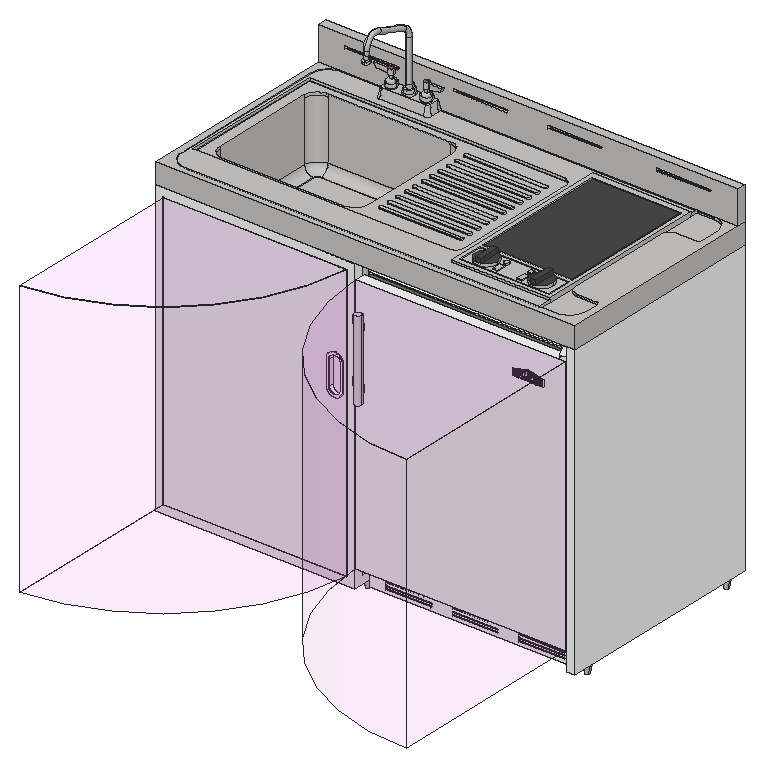
Revit family "QF_Summit_C48ELGLASS_Kitchenette", category Specialty Equipment, Revit 2020
Family settings
  Round Connector Dimension = Use Diameter
  Part Type = Normal
  Work Plane-Based = No
  Always vertical = Yes
  Cut with Voids When Loaded = No
  Shared = No
  Room Calculation Point = No
Parameters
  Weight in Pounds = 200
  Watts = Volts * FL Amps  # 2875 W
  Volts = 115 V
  URL Cutsheet = ""
  Specification by User = ""
  Specification by Manufacturer = ""
  Show LHD [instance] = no
  Show Legs [instance] = yes
  Show Clearance [instance] = yes
  Serial Number = ""
  Seismic Rating = ""
  SMACNA No = ""
  Revision Code = ""
  Refrigerant Volume = 0.00 kip
  Refrigerant Type = "R600a"
  Phase = 1
  Number of Poles = 1
  NAFEM Spec ID Number = ""
  Model = "C48ELGLASS"
  Min Ckt Ampacity = 0 A
  Max Overcurrent Protection = 0 A
  Masterspec = ""
  Manufacturer = "Summit"
  Length = 47 1/4"
  Item Number = ""
  Installed By = ""
  Identify Quantity as Lot = yes
  Height = 40"
  HP = ""
  Furnished By = ""
  Foodservice Equipment Identifier = yes
  FL Amps = 25 A
  Electrical Remarks = ""
  Electric Connection Type = ""
  Elec Conn RI Height = 0"
  Elec Conn Connection Height = 0"
  Description = "Kichenette"
  Depth = 24"
  Default Elevation = 0"
  Cycle = 60 Hz
  Conn Plug = ""
  Conn Conduit = yes
  CSI MasterFormat = ""
  BTUH = 0.0 Btu/h
  Apparent Power = if(Phase = 3, Volts * FL Amps * 1.73, Volts * FL Amps)  # 2875 VA
Reference planes (in)
  plane 1 "BACK": y = 0
  plane 2: z = 0
  plane 3 "LEFT": x = 0
  plane 4 "RIGHT": x = 47.25
  plane 5 "FRONT": y = -24
  plane 6 "TOP": z = 40
  plane 7 "Center Y": x = 23.625
  plane 8 "Center X": y = -12
  plane 9: z = 36.25
  plane 10: z = 33.875
  plane 11: z = 1
  plane 12: z = 20.875
  plane 13: z = 45.75
  plane 14: y = -1
  plane 15: y = -44.25
  plane 16: z = 36
  plane 17: x = 22.5
  plane 18: x = 46.375
Forms (in)
  Extrusion 1, solid, material "QF_Metal_Stainless_Polished"
    sketch origin (-11.06091, -180, 36.25) x (-1, 0, 0) y (0, -1, 0)
      loop
        line (-11.06091, -180) -> (-11.06091, -156) -> (-58.31091, -156) -> (-58.31091, -180) -> (-11.06091, -180)
      loop
        line (-11.81091, -177) -> (-11.81091, -158.75)
        arc (-11.81091, -158.75) -> (-12.3967, -157.33579) -> (-13.81091, -156.75) r 2
        line (-13.81091, -156.75) -> (-55.56091, -156.75)
        arc (-55.56091, -156.75) -> (-56.97512, -157.33579) -> (-57.56091, -158.75) r 2
        line (-57.56091, -158.75) -> (-57.56091, -177)
        arc (-57.56091, -177) -> (-56.97512, -178.41421) -> (-55.56091, -179) r 2
        line (-55.56091, -179) -> (-13.81091, -179)
        arc (-13.81091, -179) -> (-12.3967, -178.41421) -> (-11.81091, -177) r 2
    from 0 to -2.375
  Extrusion 2, solid, material "QF_Metal_Stainless_Polished"
    sketch origin (-2.35752, -180, 36) x (-1, 0, 0) y (0, -1, 0)
      loop
        line (-3.56275, -176.20889) -> (-3.56275, -159.83389) -> (-32.31275, -159.83389)
        arc (-32.31275, -159.83389) -> (-33.01985, -160.12678) -> (-33.31275, -160.83389) r 1
        line (-33.31275, -160.83389) -> (-33.31275, -175.20889)
        arc (-33.31275, -175.20889) -> (-33.01985, -175.916) -> (-32.31275, -176.20889) r 1
        line (-32.31275, -176.20889) -> (-3.56275, -176.20889)
      loop
        line (-20.09109, -175.375) -> (-6.34109, -175.375)
        arc (-6.34109, -175.375) -> (-5.28043, -174.93566) -> (-4.84109, -173.875) r 1.5
        line (-4.84109, -173.875) -> (-4.84109, -162)
        arc (-4.84109, -162) -> (-5.28043, -160.93934) -> (-6.34109, -160.5) r 1.5
        line (-6.34109, -160.5) -> (-20.09109, -160.5)
        arc (-20.09109, -160.5) -> (-21.15175, -160.93934) -> (-21.59109, -162) r 1.5
        line (-21.59109, -162) -> (-21.59109, -173.875)
        arc (-21.59109, -173.875) -> (-21.15175, -174.93566) -> (-20.09109, -175.375) r 1.5
    from 0 to -0.25
  Extrusion 3, solid, material "QF_Metal_Stainless_Polished"
    sketch origin (-2.35752, -178, 36) x (-1, 0, 0) y (0, -1, 0)
      loop
        line (-32.31275, -174.20889) -> (-3.56275, -174.20889) -> (-3.56275, -157.83389) -> (-32.31275, -157.83389)
        arc (-32.31275, -157.83389) -> (-33.01985, -158.12678) -> (-33.31275, -158.83389) r 1
        line (-33.31275, -158.83389) -> (-33.31275, -173.20889)
        arc (-33.31275, -173.20889) -> (-33.01985, -173.916) -> (-32.31275, -174.20889) r 1
      loop
        line (-3.10752, -175) -> (-3.10752, -156.75)
        arc (-3.10752, -156.75) -> (-3.69331, -155.33579) -> (-5.10752, -154.75) r 2
        line (-5.10752, -154.75) -> (-46.85752, -154.75)
        arc (-46.85752, -154.75) -> (-48.27174, -155.33579) -> (-48.85752, -156.75) r 2
        line (-48.85752, -156.75) -> (-48.85752, -175)
        arc (-48.85752, -175) -> (-48.27174, -176.41421) -> (-46.85752, -177) r 2
        line (-46.85752, -177) -> (-5.10752, -177)
        arc (-5.10752, -177) -> (-3.69331, -176.41421) -> (-3.10752, -175) r 2
    from 0 to -0.25
  Extrusion 4, solid, material "QF_Metal_Stainless_Polished"
    sketch origin (0.14248, -180, 36) x (-1, 0, 0) y (0, -1, 0)
      loop
        arc (-20.27666, -174.49159) -> (-20.06215, -174.27708) -> (-20.27666, -174.06256) r 0.21452
        line (-20.27666, -174.06256) -> (-29.2591, -174.06256)
        arc (-29.2591, -174.06256) -> (-29.47361, -174.27708) -> (-29.2591, -174.49159) r 0.21452
        line (-29.2591, -174.49159) -> (-20.27666, -174.49159)
      loop
        arc (-20.27666, -173.24159) -> (-20.06215, -173.02708) -> (-20.27666, -172.81256) r 0.21452
        line (-20.27666, -172.81256) -> (-29.2591, -172.81256)
        arc (-29.2591, -172.81256) -> (-29.47361, -173.02708) -> (-29.2591, -173.24159) r 0.21452
        line (-29.2591, -173.24159) -> (-20.27666, -173.24159)
      loop
        arc (-20.27666, -172.05409) -> (-20.06215, -171.83958) -> (-20.27666, -171.62506) r 0.21452
        line (-20.27666, -171.62506) -> (-29.2591, -171.62506)
        arc (-29.2591, -171.62506) -> (-29.47361, -171.83958) -> (-29.2591, -172.05409) r 0.21452
        line (-29.2591, -172.05409) -> (-20.27666, -172.05409)
      loop
        arc (-20.27666, -170.86659) -> (-20.06215, -170.65208) -> (-20.27666, -170.43756) r 0.21452
        line (-20.27666, -170.43756) -> (-29.2591, -170.43756)
        arc (-29.2591, -170.43756) -> (-29.47361, -170.65208) -> (-29.2591, -170.86659) r 0.21452
        line (-29.2591, -170.86659) -> (-20.27666, -170.86659)
      loop
        arc (-20.27666, -169.67909) -> (-20.06215, -169.46458) -> (-20.27666, -169.25006) r 0.21452
        line (-20.27666, -169.25006) -> (-29.2591, -169.25006)
        arc (-29.2591, -169.25006) -> (-29.47361, -169.46458) -> (-29.2591, -169.67909) r 0.21452
        line (-29.2591, -169.67909) -> (-20.27666, -169.67909)
      loop
        arc (-20.27666, -168.55409) -> (-20.06215, -168.33958) -> (-20.27666, -168.12506) r 0.21452
        line (-20.27666, -168.12506) -> (-29.2591, -168.12506)
        arc (-29.2591, -168.12506) -> (-29.47361, -168.33958) -> (-29.2591, -168.55409) r 0.21452
        line (-29.2591, -168.55409) -> (-20.27666, -168.55409)
      loop
        arc (-20.27666, -167.30409) -> (-20.06215, -167.08958) -> (-20.27666, -166.87506) r 0.21452
        line (-20.27666, -166.87506) -> (-29.2591, -166.87506)
        arc (-29.2591, -166.87506) -> (-29.47361, -167.08958) -> (-29.2591, -167.30409) r 0.21452
        line (-29.2591, -167.30409) -> (-20.27666, -167.30409)
      loop
        arc (-20.27666, -166.17909) -> (-20.06215, -165.96458) -> (-20.27666, -165.75006) r 0.21452
        line (-20.27666, -165.75006) -> (-29.2591, -165.75006)
        arc (-29.2591, -165.75006) -> (-29.47361, -165.96458) -> (-29.2591, -166.17909) r 0.21452
        line (-29.2591, -166.17909) -> (-20.27666, -166.17909)
      loop
        arc (-20.27666, -164.92909) -> (-20.06215, -164.71458) -> (-20.27666, -164.50006) r 0.21452
        line (-20.27666, -164.50006) -> (-29.2591, -164.50006)
        arc (-29.2591, -164.50006) -> (-29.47361, -164.71458) -> (-29.2591, -164.92909) r 0.21452
        line (-29.2591, -164.92909) -> (-20.27666, -164.92909)
      loop
        arc (-20.27666, -163.74159) -> (-20.06215, -163.52708) -> (-20.27666, -163.31256) r 0.21452
        line (-20.27666, -163.31256) -> (-29.2591, -163.31256)
        arc (-29.2591, -163.31256) -> (-29.47361, -163.52708) -> (-29.2591, -163.74159) r 0.21452
        line (-29.2591, -163.74159) -> (-20.27666, -163.74159)
      loop
        arc (-20.27666, -162.55409) -> (-20.06215, -162.33958) -> (-20.27666, -162.12506) r 0.21452
        line (-20.27666, -162.12506) -> (-29.2591, -162.12506)
        arc (-29.2591, -162.12506) -> (-29.47361, -162.33958) -> (-29.2591, -162.55409) r 0.21452
        line (-29.2591, -162.55409) -> (-20.27666, -162.55409)
    from 0 to 0.0625
  Extrusion 5, solid, material "QF_Metal_Stainless_Polished"
    sketch origin (-11.06091, -180, 36.25) x (-1, 0, 0) y (0, -1, 0)
      loop
        line (-11.06091, -180) -> (-11.06091, -179) -> (-58.31091, -179) -> (-58.31091, -180) -> (-11.06091, -180)
    from 0 to 3.75
  Sweep 6, solid, material "QF_Metal_Stainless_Polished"
    path origin (0, 0, 0) x (1, 0, 0) y (0, 1, 0)
      loop
        arc (2.48357, -18) -> (2.92291, -19.06066) -> (3.98357, -19.5) r 1.5
        line (3.98357, -19.5) -> (17.73357, -19.5)
        arc (17.73357, -19.5) -> (18.79423, -19.06066) -> (19.23357, -18) r 1.5
        line (19.23357, -18) -> (19.23357, -6.125)
        arc (19.23357, -6.125) -> (18.79423, -5.06434) -> (17.73357, -4.625) r 1.5
        line (17.73357, -4.625) -> (3.98357, -4.625)
        arc (3.98357, -4.625) -> (2.92291, -5.06434) -> (2.48357, -6.125) r 1.5
        line (2.48357, -6.125) -> (2.48357, -18)
    profile origin (2.48357, -12.0625, 0) x (-1, 0, 0) y (0, 0, 1)
      loop
        line (0, 35.875) -> (0, 28.99977)
        arc (0, 28.99977) -> (-0.29289, 28.29267) -> (-1, 27.99977) r 1
        line (-1, 27.99977) -> (-1, 27.93727)
        arc (-1, 27.93727) -> (-0.2487, 28.24847) -> (0.0625, 28.99977) r 1.0625
        line (0.0625, 28.99977) -> (0.0625, 35.875) -> (0, 35.875)
  Extrusion 7, void
    sketch origin (47.25, -1, 36.25) x (-1, 0, 0) y (0, 0, -1)
      loop
        arc (31.84057, -2.70577) -> (32.01245, -2.5339) -> (31.84057, -2.36202) r 0.17188
        line (31.84057, -2.36202) -> (25.97341, -2.36202)
        arc (25.97341, -2.36202) -> (25.80154, -2.5339) -> (25.97341, -2.70577) r 0.17188
        line (25.97341, -2.70577) -> (31.84057, -2.70577)
      loop
        arc (44.14922, -2.70577) -> (44.3211, -2.5339) -> (44.14922, -2.36202) r 0.17188
        line (44.14922, -2.36202) -> (38.28206, -2.36202)
        arc (38.28206, -2.36202) -> (38.11018, -2.5339) -> (38.28206, -2.70577) r 0.17188
        line (38.28206, -2.70577) -> (44.14922, -2.70577)
      loop
        line (15.40943, -2.70577) -> (21.27659, -2.70577)
        arc (21.27659, -2.70577) -> (21.44846, -2.5339) -> (21.27659, -2.36202) r 0.17188
        line (21.27659, -2.36202) -> (15.40943, -2.36202)
        arc (15.40943, -2.36202) -> (15.23755, -2.5339) -> (15.40943, -2.70577) r 0.17188
      loop
        line (3.10078, -2.70577) -> (8.96794, -2.70577)
        arc (8.96794, -2.70577) -> (9.13982, -2.5339) -> (8.96794, -2.36202) r 0.17188
        line (8.96794, -2.36202) -> (3.10078, -2.36202)
        arc (3.10078, -2.36202) -> (2.9289, -2.5339) -> (3.10078, -2.70577) r 0.17188
    from 0.25 to -0.25
  Extrusion 8, solid, material "QF_Plastic_White_Smooth"
    sketch origin (-11.06091, -180, 1) x (-1, 0, 0) y (0, -1, 0)
      loop
        line (-11.06091, -180) -> (-11.06091, -156) -> (-11.93591, -156) -> (-11.93591, -179.125) -> (-57.43591, -179.125) -> (-57.43591, -156) -> (-58.31091, -156) -> (-58.31091, -180) -> (-11.06091, -180)
    from 0 to 32.875
  Extrusion 9, solid, material "QF_Plastic_White_Smooth"
    sketch origin (0.875, -24, 1) x (-1, 0, 0) y (0, 0, -1)
      loop
        line (0, -32.875) -> (0, -32) -> (-20.75, -32) -> (-20.75, 0) -> (-21.625, 0) -> (-21.625, -32.875) -> (0, -32.875)
    from 0 to -1
  Extrusion 10, solid, material "QF_Plastic_White_Smooth"
    sketch origin (0.875, -0.875, 1) x (1, 0, 0) y (0, 0, 1)
      loop
        line (0, 0) -> (21.625, 0) -> (21.625, 0.875) -> (0, 0.875) -> (0, 0)
    from 0 to 23.125
  Extrusion 11, solid, material "QF_Plastic_White_Smooth"
    sketch origin (0.875, -24, 1) x (-1, 0, 0) y (0, 0, -1)
      loop
        line (-0.0625, -0.9375) -> (-20.6875, -0.9375) -> (-20.6875, -31.9375) -> (-0.0625, -31.9375) -> (-0.0625, -0.9375)
    from 0 to -1
  Extrusion 12, void
    sketch origin (13.75, -24, 1) x (-1, 0, 0) y (0, 0, -1)
      loop
        arc (-5.85467, -19.50639) -> (-6.51553, -18.84553) -> (-7.17639, -19.50639) r 0.66086
        line (-7.17639, -19.50639) -> (-7.17639, -22.2536)
        arc (-7.17639, -22.2536) -> (-6.51553, -22.91446) -> (-5.85467, -22.2536) r 0.66086
        line (-5.85467, -22.2536) -> (-5.85467, -19.50639)
    from 0.5 to -0.5009
  Extrusion 13, solid, material "QF_Plastic_White_Smooth"
    sketch origin (13.75, -24, 1) x (-1, 0, 0) y (0, 0, -1)
      loop
        arc (-7.17639, -22.2536) -> (-6.51553, -22.91446) -> (-5.85467, -22.2536) r 0.66086
        line (-5.85467, -22.2536) -> (-5.85467, -19.50639)
        arc (-5.85467, -19.50639) -> (-6.51553, -18.84553) -> (-7.17639, -19.50639) r 0.66086
        line (-7.17639, -19.50639) -> (-7.17639, -22.2536)
      loop
        arc (-7.42639, -22.2536) -> (-6.51553, -23.16446) -> (-5.60467, -22.2536) r 0.91086
        line (-5.60467, -22.2536) -> (-5.60467, -19.50639)
        arc (-5.60467, -19.50639) -> (-6.51553, -18.59553) -> (-7.42639, -19.50639) r 0.91086
        line (-7.42639, -19.50639) -> (-7.42639, -22.2536)
    from 0 to 0.0625
  Extrusion 14, solid, material "QF_Metal_Stainless_Polished"
    sketch origin (4.52411, 0, 36.25) x (1, 0, 0) y (0, 0, -1)
      loop
        circle (40.73073, 33.21044) r 0.125
    from 0 to 0.25
  Revolve 15, solid, material "QF_Metal_Stainless_Polished", visible <- "Show Legs"
    sketch origin (0, -2, 0) x (1, 0, 0) y (0, 0, 1)
      loop
        line (46.8125, 1) -> (46.8125, 0) -> (47.03274, 0) -> (47.19216, 1) -> (46.8125, 1)
      axis (46.8125, 1) -> (46.8125, 0)
    angle from 0 to 360
  Revolve 16, solid, material "QF_Metal_Stainless_Polished", visible <- "Show Legs"
    sketch origin (0, -21.625, 0) x (1, 0, 0) y (0, 0, 1)
      loop
        line (46.8125, 1) -> (46.8125, 0) -> (47.03274, 0) -> (47.19216, 1) -> (46.8125, 1)
      axis (46.8125, 1) -> (46.8125, 0)
    angle from 0 to 360
  Revolve 17, solid, material "QF_Metal_Stainless_Polished", visible <- "Show Legs"
    sketch origin (-29.125, -2, 0) x (1, 0, 0) y (0, 0, 1)
      loop
        line (29.5625, 1) -> (29.5625, 0) -> (29.78274, 0) -> (29.94216, 1) -> (29.5625, 1)
      axis (29.5625, 1) -> (29.5625, 0)
    angle from 0 to 360
  Revolve 18, solid, material "QF_Metal_Stainless_Polished", visible <- "Show Legs"
    sketch origin (-29.125, -21.625, 0) x (1, 0, 0) y (0, 0, 1)
      loop
        line (29.5625, 1) -> (29.5625, 0) -> (29.78274, 0) -> (29.94216, 1) -> (29.5625, 1)
      axis (29.5625, 1) -> (29.5625, 0)
    angle from 0 to 360
  Extrusion 19, solid, material "QF_Metal_Stainless_Polished"
    sketch origin (-2.35752, -178, 36) x (-1, 0, 0) y (0, -1, 0)
      loop
        arc (-5.10752, -177) -> (-3.69331, -176.41421) -> (-3.10752, -175) r 2
        line (-3.10752, -175) -> (-3.10752, -156.75)
        arc (-3.10752, -156.75) -> (-3.69331, -155.33579) -> (-5.10752, -154.75) r 2
        line (-5.10752, -154.75) -> (-45.01922, -154.75) -> (-45.01922, -156.27212) -> (-34.01922, -156.27212) -> (-34.01922, -176.13842) -> (-45.01922, -176.13842) -> (-45.01922, -177) -> (-5.10752, -177)
      loop
        line (-3.56275, -174.20889) -> (-3.56275, -157.83389) -> (-32.31275, -157.83389)
        arc (-32.31275, -157.83389) -> (-33.01985, -158.12678) -> (-33.31275, -158.83389) r 1
        line (-33.31275, -158.83389) -> (-33.31275, -173.20889)
        arc (-33.31275, -173.20889) -> (-33.01985, -173.916) -> (-32.31275, -174.20889) r 1
        line (-32.31275, -174.20889) -> (-3.56275, -174.20889)
    from 0 to 0.25
  Extrusion 20, solid, material "QF_Metal_Stainless_Polished"
    sketch origin (-10.31091, -180, 28.74977) x (0, -1, 0) y (-1, 0, 0)
      loop
        arc (-174.375, -28.04448) -> (-174.22855, -28.39804) -> (-173.875, -28.54448) r 0.5
        line (-173.875, -28.54448) -> (-162, -28.54448)
        arc (-162, -28.54448) -> (-161.64645, -28.39804) -> (-161.5, -28.04448) r 0.5
        line (-161.5, -28.04448) -> (-161.5, -14.29448)
        arc (-161.5, -14.29448) -> (-161.64645, -13.94093) -> (-162, -13.79448) r 0.5
        line (-162, -13.79448) -> (-173.875, -13.79448)
        arc (-173.875, -13.79448) -> (-174.22855, -13.94093) -> (-174.375, -14.29448) r 0.5
        line (-174.375, -14.29448) -> (-174.375, -28.04448)
      loop
        circle (-167.9375, -21.16948) r 1
    from 0.8125 to 0.75
  Extrusion 21, solid, material "QF_Metal_Stainless_Polished"
    sketch origin (0.64248, -178, 36) x (-1, 0, 0) y (0, -1, 0)
      loop
        arc (-42.26922, -159.59658) -> (-42.56211, -158.88947) -> (-43.26922, -158.59658) r 1
        line (-43.26922, -158.59658) -> (-45.35752, -158.59658)
        arc (-45.35752, -158.59658) -> (-45.71108, -158.45013) -> (-45.85752, -158.09658) r 0.5
        line (-45.85752, -158.09658) -> (-45.85752, -173.09653)
        arc (-45.85752, -173.09653) -> (-45.71108, -172.74298) -> (-45.35752, -172.59653) r 0.5
        line (-45.35752, -172.59653) -> (-43.26922, -172.59653)
        arc (-43.26922, -172.59653) -> (-42.56211, -172.30364) -> (-42.26922, -171.59653) r 1
        line (-42.26922, -171.59653) -> (-42.26922, -159.59658)
    from 0 to 0.25
  Extrusion 22, solid, material "QF_Metal_Stainless_Polished"
    sketch origin (7.64248, -180, 36) x (-1, 0, 0) y (0, -1, 0)
      loop
        line (-35.01922, -156.75) -> (-36.85752, -156.75)
        arc (-36.85752, -156.75) -> (-38.27174, -157.33579) -> (-38.85752, -158.75) r 2
        line (-38.85752, -158.75) -> (-38.85752, -160.09658)
        arc (-38.85752, -160.09658) -> (-38.71108, -160.45013) -> (-38.35752, -160.59658) r 0.5
        line (-38.35752, -160.59658) -> (-36.26922, -160.59658)
        arc (-36.26922, -160.59658) -> (-35.56211, -160.88947) -> (-35.26922, -161.59658) r 1
        line (-35.26922, -161.59658) -> (-35.26922, -173.59653)
        arc (-35.26922, -173.59653) -> (-35.56211, -174.30364) -> (-36.26922, -174.59653) r 1
        line (-36.26922, -174.59653) -> (-38.35752, -174.59653)
        arc (-38.35752, -174.59653) -> (-38.71108, -174.74298) -> (-38.85752, -175.09653) r 0.5
        line (-38.85752, -175.09653) -> (-38.85752, -177)
        arc (-38.85752, -177) -> (-38.27174, -178.41421) -> (-36.85752, -179) r 2
        line (-36.85752, -179) -> (-35.01922, -179) -> (-35.01922, -156.75)
    from 0 to -0.25
  Revolve 23, solid, material "QF_Metal_Stainless_Polished", visible <- "Show Legs"
    sketch origin (-16.5, -2, 0) x (1, 0, 0) y (0, 0, 1)
      loop
        line (38.5625, 1) -> (38.5625, 0) -> (38.78274, 0) -> (38.94216, 1) -> (38.5625, 1)
      axis (38.5625, 1) -> (38.5625, 0)
    angle from 0 to 360
  Revolve 24, solid, material "QF_Metal_Stainless_Polished", visible <- "Show Legs"
    sketch origin (-16.5, -21.625, 0) x (1, 0, 0) y (0, 0, 1)
      loop
        line (38.5625, 1) -> (38.5625, 0) -> (38.78274, 0) -> (38.94216, 1) -> (38.5625, 1)
      axis (38.5625, 1) -> (38.5625, 0)
    angle from 0 to 360
  Extrusion 25, solid, material "QF_Clearances_Door_Drawer", visible <- "Show Clearance"
    sketch origin (17.8125, -24, 1.9375) x (0, 1, 0) y (1, 0, 0)
      loop
        line (0, -16.875) -> (0, 3.75)
        arc (0, 3.75) -> (-13.90828, -2.84801) -> (-20.25, -16.875) r 22.34781
        line (-20.25, -16.875) -> (0, -16.875)
    from 0 to -31
  Extrusion 26, solid, material "QF_Metal_Stainless_Polished", not visible
    sketch origin (-2.35752, -180, 36.125) x (-1, 0, 0) y (0, -1, 0)
      loop
        line (-19.76922, -178.13842) -> (-19.76922, -158.27212) -> (-30.76922, -158.27212) -> (-30.76922, -178.13842) -> (-19.76922, -178.13842)
      loop
        line (-20.26922, -177.38842) -> (-20.26922, -162.02212) -> (-30.26922, -162.02212) -> (-30.26922, -177.38842) -> (-20.26922, -177.38842)
      loop
        line (-20.26922, -158.77212) -> (-30.26922, -158.77212) -> (-30.26922, -161.52212) -> (-20.26922, -161.52212) -> (-20.26922, -158.77212)
    from 0 to 0.5
  Extrusion 27, solid, material "QF_Metal_Stainless_Polished", not visible
    sketch origin (-2.35752, -180, 36.625) x (-1, 0, 0) y (0, -1, 0)
      loop
        line (-20.26922, -158.77212) -> (-30.26922, -158.77212) -> (-30.26922, -161.52212) -> (-20.26922, -161.52212) -> (-20.26922, -158.77212)
    from -0.25 to 0
  Extrusion 28, solid, material "QF_Metal_Stainless_Polished", not visible
    sketch origin (-2.35752, -180, 36.625) x (-1, 0, 0) y (0, -1, 0)
      loop
        circle (-22.13141, -160.14712) r 1.25
      loop
        circle (-28.40702, -160.14712) r 1.25
    from 0 to 0.25
  Extrusion 29, solid, material "QF_Plastic_Black_Smooth", not visible
    sketch origin (-2.35752, -180, 36.875) x (-1, 0, 0) y (0, -1, 0)
      loop
        line (-21.85016, -161.36507) -> (-21.85016, -158.92917)
        arc (-21.85016, -158.92917) -> (-22.13141, -158.89712) -> (-22.41266, -158.92917) r 1.25
        line (-22.41266, -158.92917) -> (-22.41266, -161.36507)
        arc (-22.41266, -161.36507) -> (-22.13141, -161.39712) -> (-21.85016, -161.36507) r 1.25
      loop
        line (-28.12577, -161.36507) -> (-28.12577, -158.92917)
        arc (-28.12577, -158.92917) -> (-28.40702, -158.89712) -> (-28.68827, -158.92917) r 1.25
        line (-28.68827, -158.92917) -> (-28.68827, -161.36507)
        arc (-28.68827, -161.36507) -> (-28.40702, -161.39712) -> (-28.12577, -161.36507) r 1.25
    from 0 to 0.5
  Extrusion 30, solid, material "QF_Metal_Stainless_Polished", not visible
    sketch origin (-1.60752, -180, 36.625) x (-1, 0, 0) y (0, -1, 0)
      loop
        line (-22.85535, -160.19685) -> (-22.85535, -159.12569) -> (-23.41848, -159.12569) -> (-23.41848, -160.19685) -> (-22.85535, -160.19685)
      loop
        circle (-23.13691, -160.79606) r 0.28156
      loop
        line (-26.18308, -160.19685) -> (-25.61996, -160.19685) -> (-25.61996, -159.12569) -> (-26.18308, -159.12569) -> (-26.18308, -160.19685)
      loop
        circle (-25.90152, -160.79606) r 0.28156
    from 0 to 0.0625
  Extrusion 31, solid, material "QF_Plastic_Black_Smooth", not visible
    sketch origin (-2.35752, -178, 36.125) x (-1, 0, 0) y (0, -1, 0)
      loop
        line (-20.26922, -175.38842) -> (-20.26922, -160.02212) -> (-30.26922, -160.02212) -> (-30.26922, -175.38842) -> (-20.26922, -175.38842)
    from 0 to 0.5
  Extrusion 32, solid, material "QF_Metal_Stainless_Polished"
    sketch origin (11.89248, -180, 36) x (-1, 0, 0) y (0, -1, 0)
      loop
        line (-19.76922, -178.13842) -> (-19.76922, -158.27212) -> (-30.76922, -158.27212) -> (-30.76922, -178.13842) -> (-19.76922, -178.13842)
      loop
        line (-20.26922, -177.38842) -> (-20.26922, -162.02212) -> (-30.26922, -162.02212) -> (-30.26922, -177.38842) -> (-20.26922, -177.38842)
      loop
        line (-20.26922, -158.77212) -> (-30.26922, -158.77212) -> (-30.26922, -161.52212) -> (-20.26922, -161.52212) -> (-20.26922, -158.77212)
    from 0 to 0.5
  Extrusion 33, solid, material "QF_Metal_Stainless_Polished"
    sketch origin (11.89248, -180, 36.5) x (-1, 0, 0) y (0, -1, 0)
      loop
        line (-20.26922, -158.77212) -> (-30.26922, -158.77212) -> (-30.26922, -161.52212) -> (-20.26922, -161.52212) -> (-20.26922, -158.77212)
    from -0.25 to 0
  Extrusion 34, solid, material "QF_Metal_Stainless_Polished"
    sketch origin (11.89248, -180, 36.5) x (-1, 0, 0) y (0, -1, 0)
      loop
        circle (-22.13141, -160.14712) r 1.25
      loop
        circle (-28.40702, -160.14712) r 1.25
    from 0 to 0.25
  Extrusion 35, solid, material "QF_Plastic_Black_Smooth"
    sketch origin (11.89248, -180, 36.75) x (-1, 0, 0) y (0, -1, 0)
      loop
        line (-21.85016, -161.36507) -> (-21.85016, -158.92917)
        arc (-21.85016, -158.92917) -> (-22.13141, -158.89712) -> (-22.41266, -158.92917) r 1.25
        line (-22.41266, -158.92917) -> (-22.41266, -161.36507)
        arc (-22.41266, -161.36507) -> (-22.13141, -161.39712) -> (-21.85016, -161.36507) r 1.25
      loop
        line (-28.12577, -161.36507) -> (-28.12577, -158.92917)
        arc (-28.12577, -158.92917) -> (-28.40702, -158.89712) -> (-28.68827, -158.92917) r 1.25
        line (-28.68827, -158.92917) -> (-28.68827, -161.36507)
        arc (-28.68827, -161.36507) -> (-28.40702, -161.39712) -> (-28.12577, -161.36507) r 1.25
    from 0 to 0.5
  Extrusion 36, solid, material "QF_Metal_Stainless_Polished"
    sketch origin (12.64248, -180, 36.5) x (-1, 0, 0) y (0, -1, 0)
      loop
        line (-22.85535, -160.19685) -> (-22.85535, -159.12569) -> (-23.41848, -159.12569) -> (-23.41848, -160.19685) -> (-22.85535, -160.19685)
      loop
        circle (-23.13691, -160.79606) r 0.28156
      loop
        line (-26.18308, -160.19685) -> (-25.61996, -160.19685) -> (-25.61996, -159.12569) -> (-26.18308, -159.12569) -> (-26.18308, -160.19685)
      loop
        circle (-25.90152, -160.79606) r 0.28156
    from 0 to 0.0625
  Extrusion 37, solid, material "QF_Plastic_Black_Smooth"
    sketch origin (11.89248, -178, 36) x (-1, 0, 0) y (0, -1, 0)
      loop
        line (-20.26922, -175.38842) -> (-20.26922, -160.02212) -> (-30.26922, -160.02212) -> (-30.26922, -175.38842) -> (-20.26922, -175.38842)
    from 0 to 0.5
  Extrusion 38, void
    sketch origin (0, 0, 0) x (1, 0, 0) y (0, 0, 1)
      loop
        line (22.5, 5.75) -> (46.375, 5.75) -> (46.375, 29.125) -> (22.5, 29.125) -> (22.5, 5.75)
    from -3.46249 to 4.625
Cuts and joins
  joined: Extrusion 2, Sweep 6
  Extrusion 7 cuts Extrusion 5
  Extrusion 38 cuts Extrusion 8
  joined: Extrusion 8, Extrusion 9, Extrusion 10
  Extrusion 12 cuts Extrusion 11
  joined: Extrusion 1, Extrusion 21
Lines and regions (in)
  symbolic lines
    curve 1: line (0, 0, 0) -> (0, -24, 0)
    curve 2: line (47.25, -24, 0) -> (47.25, 0, 0)
    curve 3: line (47.25, 0, 0) -> (0, 0, 0)
    curve 4: line (0, -1, 0) -> (47.25, -1, 0)
    curve 5: line (0, -24, 0) -> (47.25, -24, 0)
    curve 6: arc (0.75, -21.25, 0) -> (1.33579, -22.66421, 0) -> (2.75, -23.25, 0) r 2
    curve 7: line (2.75, -23.25, 0) -> (44.5, -23.25, 0)
    curve 8: arc (44.5, -23.25, 0) -> (45.91421, -22.66421, 0) -> (46.5, -21.25, 0) r 2
    curve 9: line (46.5, -21.25, 0) -> (46.5, -19.90342, 0)
    curve 10: arc (46.5, -19.90342, 0) -> (46.35355, -19.54987, 0) -> (46, -19.40342, 0) r 0.5
    curve 11: line (46, -19.40342, 0) -> (43.91169, -19.40342, 0)
    curve 12: arc (43.91169, -19.40342, 0) -> (43.20459, -19.11053, 0) -> (42.91169, -18.40342, 0) r 1
    curve 13: line (42.91169, -18.40342, 0) -> (42.91169, -6.40347, 0)
    curve 14: arc (42.91169, -6.40347, 0) -> (43.20459, -5.69636, 0) -> (43.91169, -5.40347, 0) r 1
    curve 15: line (43.91169, -5.40347, 0) -> (46, -5.40347, 0)
    curve 16: arc (46, -5.40347, 0) -> (46.35355, -5.25702, 0) -> (46.5, -4.90347, 0) r 0.5
    curve 17: line (46.5, -4.90347, 0) -> (46.5, -3, 0)
    curve 18: arc (46.5, -3, 0) -> (45.91421, -1.58579, 0) -> (44.5, -1, 0) r 2
    curve 19: arc (2.75, -1, 0) -> (1.33579, -1.58579, 0) -> (0.75, -3, 0) r 2
    curve 20: line (0.75, -3, 0) -> (0.75, -21.25, 0)
    curve 21: line (1.20523, -20.16611, 0) -> (1.20523, -3.79111, 0)
    curve 22: line (1.20523, -3.79111, 0) -> (29.95523, -3.79111, 0)
    curve 23: arc (29.95523, -3.79111, 0) -> (30.66233, -4.084, 0) -> (30.95523, -4.79111, 0) r 1
    curve 24: line (30.95523, -4.79111, 0) -> (30.95523, -19.16611, 0)
    curve 25: arc (30.95523, -19.16611, 0) -> (30.66233, -19.87322, 0) -> (29.95523, -20.16611, 0) r 1
    curve 26: line (29.95523, -20.16611, 0) -> (1.20523, -20.16611, 0)
    curve 27: arc (3.98357, -19.5, 0) -> (2.92291, -19.06066, 0) -> (2.48357, -18, 0) r 1.5
    curve 28: line (2.48357, -18, 0) -> (2.48357, -6.125, 0)
    curve 29: arc (2.48357, -6.125, 0) -> (2.92291, -5.06434, 0) -> (3.98357, -4.625, 0) r 1.5
    curve 30: line (3.98357, -4.625, 0) -> (10.67337, -4.625, 0)
    curve 31: arc (17.73357, -4.625, 0) -> (18.79423, -5.06434, 0) -> (19.23357, -6.125, 0) r 1.5
    curve 32: line (19.23357, -6.125, 0) -> (19.23357, -18, 0)
    curve 33: arc (19.23357, -18, 0) -> (18.79423, -19.06066, 0) -> (17.73357, -19.5, 0) r 1.5
    curve 34: line (17.73357, -19.5, 0) -> (3.98357, -19.5, 0)
    curve 35: arc (3.48357, -18, 0) -> (3.63002, -18.35355, 0) -> (3.98357, -18.5, 0) r 0.5
    curve 36: line (3.98357, -18.5, 0) -> (17.73357, -18.5, 0)
    curve 37: arc (17.73357, -18.5, 0) -> (18.08713, -18.35355, 0) -> (18.23357, -18, 0) r 0.5
    curve 38: line (18.23357, -18, 0) -> (18.23357, -6.125, 0)
    curve 39: arc (18.23357, -6.125, 0) -> (18.08713, -5.77145, 0) -> (17.73357, -5.625, 0) r 0.5
    curve 40: line (17.73357, -5.625, 0) -> (11.29837, -5.625, 0)
    curve 41: arc (3.98357, -5.625, 0) -> (3.63002, -5.77145, 0) -> (3.48357, -6.125, 0) r 0.5
    curve 42: line (3.48357, -6.125, 0) -> (3.48357, -18, 0)
    curve 43: arc (10.85857, -13.0625, 0) -> (9.85857, -12.0625, 0) -> (10.85857, -11.0625, 0) r 1
    curve 44: arc (10.85857, -13.0625, 0) -> (11.85857, -12.0625, 0) -> (10.85857, -11.0625, 0) r 1
    curve 45: line (20.41914, -5.93744, 0) -> (29.40158, -5.93744, 0)
    curve 46: arc (29.40158, -5.93744, 0) -> (29.61609, -5.72292, 0) -> (29.40158, -5.50841, 0) r 0.21452
    curve 47: line (29.40158, -5.50841, 0) -> (20.41914, -5.50841, 0)
    curve 48: arc (20.41914, -5.50841, 0) -> (20.20463, -5.72292, 0) -> (20.41914, -5.93744, 0) r 0.21452
    curve 49: line (29.40158, -6.75841, 0) -> (20.41914, -6.75841, 0)
    curve 50: arc (20.41914, -6.75841, 0) -> (20.20463, -6.97292, 0) -> (20.41914, -7.18744, 0) r 0.21452
    curve 51: line (20.41914, -7.18744, 0) -> (29.40158, -7.18744, 0)
    curve 52: arc (29.40158, -7.18744, 0) -> (29.61609, -6.97292, 0) -> (29.40158, -6.75841, 0) r 0.21452
    curve 53: line (29.40158, -7.94591, 0) -> (20.41914, -7.94591, 0)
    curve 54: arc (20.41914, -7.94591, 0) -> (20.20463, -8.16042, 0) -> (20.41914, -8.37494, 0) r 0.21452
    curve 55: line (20.41914, -8.37494, 0) -> (29.40158, -8.37494, 0)
    curve 56: arc (29.40158, -8.37494, 0) -> (29.61609, -8.16042, 0) -> (29.40158, -7.94591, 0) r 0.21452
    curve 57: line (29.40158, -9.13341, 0) -> (20.41914, -9.13341, 0)
    curve 58: arc (20.41914, -9.13341, 0) -> (20.20463, -9.34792, 0) -> (20.41914, -9.56244, 0) r 0.21452
    curve 59: line (20.41914, -9.56244, 0) -> (29.40158, -9.56244, 0)
    curve 60: arc (29.40158, -9.56244, 0) -> (29.61609, -9.34792, 0) -> (29.40158, -9.13341, 0) r 0.21452
    curve 61: line (29.40158, -10.32091, 0) -> (20.41914, -10.32091, 0)
    curve 62: arc (20.41914, -10.32091, 0) -> (20.20463, -10.53542, 0) -> (20.41914, -10.74994, 0) r 0.21452
    curve 63: line (20.41914, -10.74994, 0) -> (29.40158, -10.74994, 0)
    curve 64: arc (29.40158, -10.74994, 0) -> (29.61609, -10.53542, 0) -> (29.40158, -10.32091, 0) r 0.21452
    curve 65: line (29.40158, -11.44591, 0) -> (20.41914, -11.44591, 0)
    curve 66: arc (20.41914, -11.44591, 0) -> (20.20463, -11.66042, 0) -> (20.41914, -11.87494, 0) r 0.21452
    curve 67: line (20.41914, -11.87494, 0) -> (29.40158, -11.87494, 0)
    curve 68: arc (29.40158, -11.87494, 0) -> (29.61609, -11.66042, 0) -> (29.40158, -11.44591, 0) r 0.21452
    curve 69: line (29.40158, -12.69591, 0) -> (20.41914, -12.69591, 0)
    curve 70: arc (20.41914, -12.69591, 0) -> (20.20463, -12.91042, 0) -> (20.41914, -13.12494, 0) r 0.21452
    curve 71: line (20.41914, -13.12494, 0) -> (29.40158, -13.12494, 0)
    curve 72: arc (29.40158, -13.12494, 0) -> (29.61609, -12.91042, 0) -> (29.40158, -12.69591, 0) r 0.21452
    curve 73: line (29.40158, -13.82091, 0) -> (20.41914, -13.82091, 0)
    curve 74: arc (20.41914, -13.82091, 0) -> (20.20463, -14.03542, 0) -> (20.41914, -14.24994, 0) r 0.21452
    curve 75: line (20.41914, -14.24994, 0) -> (29.40158, -14.24994, 0)
    curve 76: arc (29.40158, -14.24994, 0) -> (29.61609, -14.03542, 0) -> (29.40158, -13.82091, 0) r 0.21452
    curve 77: line (29.40158, -15.07091, 0) -> (20.41914, -15.07091, 0)
    curve 78: arc (20.41914, -15.07091, 0) -> (20.20463, -15.28542, 0) -> (20.41914, -15.49994, 0) r 0.21452
    curve 79: line (20.41914, -15.49994, 0) -> (29.40158, -15.49994, 0)
    curve 80: arc (29.40158, -15.49994, 0) -> (29.61609, -15.28542, 0) -> (29.40158, -15.07091, 0) r 0.21452
    curve 81: line (29.40158, -16.25841, 0) -> (20.41914, -16.25841, 0)
    curve 82: arc (20.41914, -16.25841, 0) -> (20.20463, -16.47292, 0) -> (20.41914, -16.68744, 0) r 0.21452
    curve 83: line (20.41914, -16.68744, 0) -> (29.40158, -16.68744, 0)
    curve 84: arc (29.40158, -16.68744, 0) -> (29.61609, -16.47292, 0) -> (29.40158, -16.25841, 0) r 0.21452
    curve 85: line (29.40158, -17.44591, 0) -> (20.41914, -17.44591, 0)
    curve 86: arc (20.41914, -17.44591, 0) -> (20.20463, -17.66042, 0) -> (20.41914, -17.87494, 0) r 0.21452
    curve 87: line (20.41914, -17.87494, 0) -> (29.40158, -17.87494, 0)
    curve 88: arc (29.40158, -17.87494, 0) -> (29.61609, -17.66042, 0) -> (29.40158, -17.44591, 0) r 0.21452
    curve 89: line (11.29837, -4.625, 0) -> (17.73357, -4.625, 0)
    curve 90: line (10.67337, -5.625, 0) -> (3.98357, -5.625, 0)
    curve 93: line (42.66169, -1.86158, 0) -> (31.66169, -1.86158, 0)
    curve 94: line (42.16169, -2.61158, 0) -> (32.16169, -2.61158, 0)
    curve 95: line (31.66169, -1.86158, 0) -> (31.66169, -21.72788, 0)
    curve 96: line (32.16169, -2.61158, 0) -> (32.16169, -17.97788, 0)
    curve 97: line (42.16169, -17.97788, 0) -> (42.16169, -2.61158, 0)
    curve 98: line (42.66169, -1, 0) -> (42.66169, -23.25, 0)
    curve 99: line (31.66169, -21.72788, 0) -> (42.66169, -21.72788, 0)
    curve 100: line (32.16169, -21.22788, 0) -> (42.16169, -21.22788, 0)
    curve 101: line (42.16169, -21.22788, 0) -> (42.16169, -18.47788, 0)
    curve 102: line (42.16169, -18.47788, 0) -> (32.16169, -18.47788, 0)
    curve 103: line (32.16169, -18.47788, 0) -> (32.16169, -21.22788, 0)
    curve 104: line (32.16169, -17.97788, 0) -> (42.16169, -17.97788, 0)
    curve 105: arc (35.27389, -19.85288, 0) -> (34.02389, -18.60288, 0) -> (32.77389, -19.85288, 0) r 1.25
    curve 106: arc (32.77389, -19.85288, 0) -> (34.02389, -21.10288, 0) -> (35.27389, -19.85288, 0) r 1.25
    curve 107: line (33.74264, -18.63493, 0) -> (33.74264, -21.07083, 0)
    curve 108: line (34.30514, -21.07083, 0) -> (34.30514, -18.63493, 0)
    curve 109: line (35.49783, -19.80315, 0) -> (35.49783, -20.87431, 0)
    curve 110: line (35.49783, -20.87431, 0) -> (36.06096, -20.87431, 0)
    curve 111: line (36.06096, -20.87431, 0) -> (36.06096, -19.80315, 0)
    curve 112: line (36.06096, -19.80315, 0) -> (35.49783, -19.80315, 0)
    curve 113: arc (35.49783, -19.20394, 0) -> (35.77939, -19.4855, 0) -> (36.06096, -19.20394, 0) r 0.28156
    curve 114: arc (36.06096, -19.20394, 0) -> (35.77939, -18.92238, 0) -> (35.49783, -19.20394, 0) r 0.28156
    curve 115: arc (38.26243, -19.20394, 0) -> (38.544, -19.4855, 0) -> (38.82556, -19.20394, 0) r 0.28156
    curve 116: arc (38.82556, -19.20394, 0) -> (38.544, -18.92238, 0) -> (38.26243, -19.20394, 0) r 0.28156
    curve 117: line (38.26243, -19.80315, 0) -> (38.26243, -20.87431, 0)
    curve 118: line (38.26243, -20.87431, 0) -> (38.82556, -20.87431, 0)
    curve 119: line (38.82556, -20.87431, 0) -> (38.82556, -19.80315, 0)
    curve 120: line (38.82556, -19.80315, 0) -> (38.26243, -19.80315, 0)
    curve 121: arc (41.5495, -19.85288, 0) -> (40.2995, -18.60288, 0) -> (39.0495, -19.85288, 0) r 1.25
    curve 122: arc (39.0495, -19.85288, 0) -> (40.2995, -21.10288, 0) -> (41.5495, -19.85288, 0) r 1.25
    curve 123: line (40.01825, -18.63493, 0) -> (40.01825, -21.07083, 0)
    curve 124: line (40.58075, -21.07083, 0) -> (40.58075, -18.63493, 0)
  symbolic lines, style "QF_Clearances_Door_Drawer", visible <- "Show Clearance"
    curve 91: line (0.9375, -24, 0) -> (18.1689, -33.94855, 0)
    curve 92: arc (21.5625, -24, 0) -> (20.45894, -29.17664, 0) -> (18.1689, -33.94855, 0) r 22.34781
Dimensions and locks (in)
  equal spacing: plane 3 "LEFT", plane 7 "Center Y", plane 4 "RIGHT"
  "Length": plane 3 "LEFT" to plane 4 "RIGHT"
  equal spacing: plane 5 "FRONT", plane 8 "Center X", plane 1 "BACK"
  "Depth": plane 5 "FRONT" to plane 1 "BACK"
  "Height": plane 6 "TOP" to level
  plane 4 "RIGHT" to plane 3 "LEFT" = 47 1/4"
  plane 6 "TOP" to plane 9 = 3 3/4"
  plane 9 to plane 10 = 2 3/8"
  plane 9 to plane 2 = 36 1/4"
  plane 11 to plane 2 = 1"
  plane 10 to plane 11 = 32 7/8"
  plane 10 to plane 12 = 13"
  plane 14 to plane 1 "BACK" = 1"
  locked: plane 13 to plane 9 at 9.5
  plane 15 to plane 1 "BACK" = 44 1/4"
  plane 17 to plane 3 "LEFT" = 22 1/2"
  plane 17 to plane 18 = 23 7/8"
  locked: plane 9 to plane 16 at 0.25
  plane 3 "LEFT" to nested 1 = 11"
  aligned and locked: level to plane 2
Automatic sketch dimensions
  plane 1 "BACK" to Extrusion 1 sketch curve = 0"
  Extrusion 1 sketch curve to plane 4 "RIGHT" = 0"
  Extrusion 1 sketch curve to plane 14 = 0"
  Extrusion 1 sketch curve to plane 3 "LEFT" = 0"
  plane 5 "FRONT" to Extrusion 1 sketch curve = 0"
  Extrusion 1 sketch curve to plane 18 = 1/8"
  plane 18 to Extrusion 1 sketch curve = 1 7/8"  (x2)
  Extrusion 1 sketch curve to plane 5 "FRONT" = 3/4"
  plane 3 "LEFT" to Extrusion 1 sketch curve = 2 3/4"  (x2)
  plane 3 "LEFT" to Extrusion 1 sketch curve = 3/4"
  plane 7 "Center Y" to Extrusion 2 sketch curve = 7.33023"
  Extrusion 2 sketch curve to Extrusion 2 sketch curve = 1"  (x2)
  plane 17 to Extrusion 2 sketch curve = 3.26643"
  Extrusion 2 sketch curve to Extrusion 2 sketch curve = 1 1/2"  (x3)
  plane 3 "LEFT" to Extrusion 2 sketch curve = 3.98357"  (x2)
  plane 3 "LEFT" to Extrusion 2 sketch curve = 1.20523"
  Extrusion 2 sketch curve to plane 14 = 2.79111"
  Extrusion 2 sketch curve to plane 14 = 3 5/8"
  Extrusion 2 sketch curve to plane 5 "FRONT" = 6"
  Extrusion 2 sketch curve to plane 5 "FRONT" = 4.83389"
  Extrusion 3 sketch curve to plane 14 = 0"
  Extrusion 3 sketch curve to plane 18 = 1/8"
  plane 18 to Extrusion 3 sketch curve = 1 7/8"  (x2)
  Extrusion 3 sketch curve to plane 5 "FRONT" = 3/4"
  plane 7 "Center Y" to Extrusion 3 sketch curve = 7.33023"
  Extrusion 3 sketch curve to Extrusion 3 sketch curve = 1"  (x2)
  plane 3 "LEFT" to Extrusion 3 sketch curve = 2 3/4"  (x2)
  plane 3 "LEFT" to Extrusion 3 sketch curve = 1.20523"
  plane 3 "LEFT" to Extrusion 3 sketch curve = 3/4"
  Extrusion 3 sketch curve to Extrusion 3 sketch curve = 0.79111"
  Extrusion 3 sketch curve to plane 5 "FRONT" = 4.83389"
  plane 7 "Center Y" to Extrusion 4 sketch curve = 5.77658"  (x2)
  Extrusion 4 sketch curve to Extrusion 4 sketch curve = 0"  (x19)
  plane 8 "Center X" to Extrusion 4 sketch curve = 0.12506"
  plane 17 to Extrusion 4 sketch curve = 2.08086"
  Extrusion 4 sketch curve to Extrusion 4 sketch curve = 0.21452"  (x11)
  Extrusion 4 sketch curve to Extrusion 4 sketch curve = 0.69597"  (x2)
  Extrusion 4 sketch curve to Extrusion 4 sketch curve = 0.75847"  (x5)
  Extrusion 4 sketch curve to Extrusion 4 sketch curve = 0.82097"  (x2)
  Extrusion 4 sketch curve to plane 8 "Center X" = 0.69591"
  plane 1 "BACK" to Extrusion 5 sketch curve = 0"
  Extrusion 5 sketch curve to plane 4 "RIGHT" = 0"
  Extrusion 5 sketch curve to plane 3 "LEFT" = 0"
  Extrusion 5 sketch curve to plane 14 = 0"
  plane 3 "LEFT" to Sweep 6 sketch curve = 2.48357"
  Sweep 6 sketch curve to Sweep 6 sketch curve = 1 1/2"  (x3)
  plane 17 to Sweep 6 sketch curve = 4.76643"  (x2)
  Sweep 6 sketch curve to plane 5 "FRONT" = 4 1/2"
  Sweep 6 sketch curve to plane 14 = 5 1/8"
  Sweep 6 sketch curve to Sweep 6 sketch curve = 0"  (x2)
  Sweep 6 sketch curve to profile plane = 0"
  profile plane to Sweep 6 sketch curve = 1"
  Sweep 6 sketch curve to Sweep 6 sketch curve = 1/16"
  level to Sweep 6 sketch curve = 27.93727"
  Sweep 6 sketch curve to Sweep 6 sketch curve = 6.87523"
  Extrusion 5 to Extrusion 7 sketch curve = 1.2161"  (x2)
  Extrusion 7 sketch curve to Extrusion 5 = 3.10078"
  Extrusion 5 to Extrusion 7 sketch curve = 1.38798"  (x2)
  Extrusion 7 sketch curve to Extrusion 7 sketch curve = 5.86716"  (x3)
  Extrusion 7 sketch curve to Extrusion 7 sketch curve = 6.44149"  (x2)
  Extrusion 5 to Extrusion 7 sketch curve = 1.04423"  (x2)
  Extrusion 7 sketch curve to Extrusion 7 sketch curve = 4.69682"
  Extrusion 5 to Extrusion 7 sketch curve = 3.10078"
  Extrusion 7 sketch curve to Extrusion 7 sketch curve = 11/64"  (x2)
  plane 1 "BACK" to Extrusion 8 sketch curve = 0"
  Extrusion 8 sketch curve to plane 4 "RIGHT" = 0"
  plane 5 "FRONT" to Extrusion 8 sketch curve = 0"  (x2)
  Extrusion 8 sketch curve to plane 18 = 0"
  Extrusion 8 sketch curve to plane 3 "LEFT" = 0"
  plane 14 to Extrusion 8 sketch curve = 1/8"
  plane 3 "LEFT" to Extrusion 8 sketch curve = 7/8"
  Extrusion 9 sketch curve to Extrusion 8 = 0"  (x3)
  Extrusion 8 to Extrusion 9 sketch curve = 7/8"
  Extrusion 8 to Extrusion 9 sketch curve = 20 3/4"
  Extrusion 9 sketch curve to Extrusion 9 sketch curve = 7/8"
  Extrusion 10 sketch curve to Extrusion 8 = 0"  (x2)
  Extrusion 8 to Extrusion 10 sketch curve = 7/8"
  Extrusion 8 to Extrusion 10 sketch curve = 21 5/8"
  Extrusion 8 to Extrusion 11 sketch curve = 15/16"  (x2)
  Extrusion 8 to Extrusion 11 sketch curve = 20 11/16"
  Extrusion 8 to Extrusion 11 sketch curve = 1/16"
  Extrusion 8 to Extrusion 12 sketch curve = 20.05139"
  Extrusion 12 sketch curve to Extrusion 12 sketch curve = 0.66086"
  Extrusion 8 to Extrusion 12 sketch curve = 10.6214"
  Extrusion 12 sketch curve to Extrusion 12 sketch curve = 2.74721"
  Extrusion 13 sketch curve to Extrusion 13 sketch curve = 0"  (x4)
  Extrusion 8 to Extrusion 13 sketch curve = 20.30139"
  Extrusion 13 sketch curve to Extrusion 13 sketch curve = 1/4"
  Extrusion 13 sketch curve to Extrusion 13 sketch curve = 0.66086"
  Extrusion 8 to Extrusion 13 sketch curve = 10.6214"
  Extrusion 13 sketch curve to Extrusion 13 sketch curve = 2.74721"
  Extrusion 14 sketch curve to Extrusion 5 = 1.99516"
  Extrusion 14 sketch curve to Extrusion 5 = 33.21044"
  Revolve 15 sketch curve to plane 11 = 0"
  Revolve 15 sketch curve to level = 0"  (x2)
  plane 4 "RIGHT" to Revolve 15 sketch curve = 7/16"
  plane 4 "RIGHT" to Revolve 15 sketch curve = 0.21726"
  plane 4 "RIGHT" to Revolve 15 sketch curve = 0.05784"
  Revolve 15 sketch curve to Revolve 15 sketch curve = 0"
  Revolve 15 sketch curve to Revolve 15 sketch curve = 0.28903"
  Revolve 16 sketch curve to plane 11 = 0"
  Revolve 16 sketch curve to level = 0"  (x2)
  plane 4 "RIGHT" to Revolve 16 sketch curve = 7/16"
  plane 4 "RIGHT" to Revolve 16 sketch curve = 0.21726"
  plane 4 "RIGHT" to Revolve 16 sketch curve = 0.05784"
  Revolve 16 sketch curve to Revolve 16 sketch curve = 0"
  Revolve 16 sketch curve to Revolve 16 sketch curve = 0.28903"
  Revolve 17 sketch curve to plane 11 = 0"
  Revolve 17 sketch curve to level = 0"  (x2)
  plane 3 "LEFT" to Revolve 17 sketch curve = 7/16"
  Revolve 17 sketch curve to Revolve 17 sketch curve = 0.22024"
  Revolve 17 sketch curve to Revolve 17 sketch curve = 0.37966"
  Revolve 17 sketch curve to Revolve 17 sketch curve = 0"
  Revolve 17 sketch curve to Revolve 17 sketch curve = 0.28903"
  Revolve 18 sketch curve to plane 11 = 0"
  Revolve 18 sketch curve to level = 0"  (x2)
  plane 3 "LEFT" to Revolve 18 sketch curve = 7/16"
  Revolve 18 sketch curve to Revolve 18 sketch curve = 0.22024"
  Revolve 18 sketch curve to Revolve 18 sketch curve = 0.37966"
  Revolve 18 sketch curve to Revolve 18 sketch curve = 0"
  Revolve 18 sketch curve to Revolve 18 sketch curve = 0.28903"
  Extrusion 20 sketch curve to plane 14 = 4 5/8"
  Extrusion 20 sketch curve to Extrusion 20 sketch curve = 1/2"  (x3)
  Extrusion 20 sketch curve to plane 8 "Center X" = 1/16"
  Extrusion 20 sketch curve to plane 5 "FRONT" = 6"  (x2)
  plane 3 "LEFT" to Extrusion 20 sketch curve = 3.48357"
  Extrusion 20 sketch curve to Extrusion 20 sketch curve = 6 7/8"
  plane 17 to Extrusion 20 sketch curve = 4.76643"
  Extrusion 21 sketch curve to Extrusion 3 = 0"  (x3)
  Extrusion 21 sketch curve to Extrusion 21 sketch curve = 1/2"
  Extrusion 21 sketch curve to Extrusion 3 = 1/2"
  Extrusion 21 sketch curve to Extrusion 21 sketch curve = 2.08831"  (x2)
  Extrusion 3 to Extrusion 21 sketch curve = 0.76269"
  Extrusion 21 sketch curve to Extrusion 21 sketch curve = 1"
  Extrusion 3 to Extrusion 21 sketch curve = 2.61236"
  Extrusion 21 sketch curve to Extrusion 21 sketch curve = 0"  (x2)
  Extrusion 22 sketch curve to plane 14 = 0"
  Extrusion 22 sketch curve to plane 18 = 1/8"  (x2)
  plane 18 to Extrusion 22 sketch curve = 3/8"  (x2)
  plane 18 to Extrusion 22 sketch curve = 1 7/8"  (x2)
  Extrusion 22 sketch curve to Extrusion 22 sketch curve = 0.58831"
  Extrusion 22 sketch curve to Extrusion 22 sketch curve = 2.08831"
  Extrusion 22 sketch curve to Extrusion 22 sketch curve = 1"
  Extrusion 22 sketch curve to Extrusion 22 sketch curve = 1.83831"
  Extrusion 22 sketch curve to Extrusion 22 sketch curve = 1.90347"
  Extrusion 22 sketch curve to plane 5 "FRONT" = 5.59658"
  Extrusion 22 sketch curve to Extrusion 22 sketch curve = 1.84658"
  Revolve 23 sketch curve to plane 11 = 0"
  Revolve 23 sketch curve to level = 0"  (x2)
  plane 17 to Revolve 23 sketch curve = 7/16"
  Revolve 23 sketch curve to Revolve 23 sketch curve = 0.22024"
  Revolve 23 sketch curve to Revolve 23 sketch curve = 0.37966"
  Revolve 23 sketch curve to Revolve 23 sketch curve = 0"
  Revolve 23 sketch curve to Revolve 23 sketch curve = 0.28903"
  Revolve 24 sketch curve to plane 11 = 0"
  Revolve 24 sketch curve to level = 0"  (x2)
  plane 17 to Revolve 24 sketch curve = 7/16"
  Revolve 24 sketch curve to Revolve 24 sketch curve = 0.22024"
  Revolve 24 sketch curve to Revolve 24 sketch curve = 0.37966"
  Revolve 24 sketch curve to Revolve 24 sketch curve = 0"
  Revolve 24 sketch curve to Revolve 24 sketch curve = 0.28903"
  Extrusion 25 sketch curve to Extrusion 11 = 0"  (x3)
  Extrusion 11 to Extrusion 25 sketch curve = 20 1/4"
  Extrusion 11 to Extrusion 25 sketch curve = 1.03831"
  curve 27 to curve 35 = 0"  (x2)
  curve 29 to curve 41 = 0"  (x2)
  curve 31 to curve 39 = 0"  (x2)
  curve 33 to curve 37 = 0"  (x2)
  curve 1 to plane 3 "LEFT" = 0"
  plane 5 "FRONT" to curve 91 = 0"
  curve 19 to plane 14 = 0"
  curve 4 to plane 4 "RIGHT" = 0"
  plane 1 "BACK" to curve 3 = 0"
  curve 92 to plane 3 "LEFT" = 0.69216"
  plane 3 "LEFT" to curve 20 = 3/4"
  curve 6 to curve 21 = 0.45523"
  plane 3 "LEFT" to curve 28 = 2.48357"
  curve 7 to plane 5 "FRONT" = 3/4"
  curve 21 to curve 19 = 1.54477"
  curve 27 to curve 42 = 1"
  curve 41 to curve 41 = 1/2"
  curve 42 to curve 36 = 1/2"
  curve 44 to plane 8 "Center X" = 1/16"
  curve 27 to curve 44 = 6 7/8"
  plane 17 to curve 89 = 4.76643"
  plane 17 to curve 33 = 4.76643"
  plane 17 to curve 91 = 4.3311"
  curve 31 to curve 38 = 1/2"
  curve 33 to curve 87 = 1.18557"
  plane 17 to curve 74 = 2.08086"
  curve 71 to curve 73 = 0"
  curve 77 to curve 74 = 0"
  plane 8 "Center X" to curve 63 = 1.25006"
  curve 63 to curve 70 = 0"
  curve 65 to curve 62 = 0"
  plane 17 to curve 54 = 2.08086"
  curve 81 to curve 79 = 0"
  curve 32 to curve 45 = 1.18557"
  curve 59 to curve 61 = 0"
  curve 49 to curve 45 = 0"
  plane 7 "Center Y" to curve 53 = 5.77658"
  curve 52 to curve 53 = 0"
  curve 57 to curve 55 = 0"
  curve 47 to curve 52 = 0"
  curve 61 to curve 60 = 0"
  curve 80 to curve 63 = 0"
  curve 65 to curve 63 = 0"
  curve 88 to curve 79 = 0"
  curve 69 to curve 67 = 0"
  curve 84 to curve 79 = 0"
  curve 73 to curve 72 = 0"
  curve 87 to curve 26 = 0.55365"
  curve 46 to curve 23 = 0.55365"
  curve 23 to curve 24 = 1"
  curve 13 to curve 15 = 1"
  plane 18 to curve 18 = 1 7/8"
  plane 18 to curve 7 = 1 7/8"
  plane 18 to curve 15 = 3/8"
  plane 18 to curve 10 = 3/8"
  curve 9 to plane 18 = 1/8"
  curve 17 to plane 18 = 1/8"
  plane 5 "FRONT" to curve 91 = 9.94855"
  curve 92 to curve 20 = 0.71169"
  curve 6 to curve 21 = 1.08389"
  curve 9 to curve 10 = 1.34658"
  curve 34 to plane 5 "FRONT" = 4 1/2"
  curve 33 to curve 87 = 0.12506"
  curve 88 to curve 88 = 0.21452"
  curve 85 to curve 83 = 0.75847"
  curve 83 to curve 84 = 0.21452"
  curve 81 to curve 79 = 0.75847"
  curve 80 to curve 80 = 0.21452"
  curve 78 to curve 75 = 0.82097"
  curve 76 to curve 76 = 0.21452"
  curve 73 to curve 71 = 0.69597"
  curve 71 to curve 72 = 0.21452"
  plane 8 "Center X" to curve 67 = 0.12506"
  curve 68 to curve 68 = 0.21452"
  curve 63 to curve 62 = 0.21452"
  curve 61 to curve 59 = 0.75847"
  curve 59 to curve 60 = 0.21452"
  curve 57 to curve 55 = 0.75847"
  curve 55 to curve 56 = 0.21452"
  curve 53 to curve 51 = 0.75847"
  curve 51 to curve 52 = 0.21452"
  curve 28 to curve 19 = 3 1/8"
  curve 49 to curve 39 = 0.63341"
  curve 52 to curve 45 = 0.82097"
  curve 48 to curve 48 = 0.21452"
  curve 46 to curve 23 = 0.7173"
  plane 3 "LEFT" to curve 91 = 15/16"
  curve 30 to curve 43 = 0.1852"
  curve 90 to curve 30 = 0"
  curve 30 to curve 89 = 5/8"
  curve 90 to curve 40 = 5/8"
  curve 43 to curve 43 = 1"
  Extrusion 26 sketch curve to Extrusion 26 sketch curve = 1/2"  (x5)
  Extrusion 26 sketch curve to Extrusion 26 sketch curve = 3/4"
  Extrusion 27 sketch curve to Extrusion 26 = 0"  (x4)
  Extrusion 28 sketch curve to Extrusion 27 = 1.86219"  (x2)
  Extrusion 28 sketch curve to Extrusion 27 = 1 3/8"  (x2)
  Extrusion 29 sketch curve to Extrusion 29 sketch curve = 9/32"  (x2)
  Extrusion 29 sketch curve to Extrusion 29 sketch curve = 9/16"  (x2)
  Extrusion 30 sketch curve to Extrusion 27 = 0.35356"  (x2)
  Extrusion 30 sketch curve to Extrusion 27 = 3.33613"
  Extrusion 30 sketch curve to Extrusion 30 sketch curve = 0.28156"  (x2)
  Extrusion 30 sketch curve to Extrusion 30 sketch curve = 0.56313"  (x2)
  Extrusion 30 sketch curve to Extrusion 30 sketch curve = 2.20148"
  Extrusion 30 sketch curve to Extrusion 30 sketch curve = 1.07117"  (x2)
  Extrusion 30 sketch curve to Extrusion 30 sketch curve = 0.59921"  (x2)
  Extrusion 26 sketch curve to Extrusion 26 sketch curve = 0"
  Extrusion 26 sketch curve to Extrusion 26 sketch curve = 10"
  Extrusion 26 sketch curve to Extrusion 26 sketch curve = 15.3663"
  Extrusion 26 sketch curve to Extrusion 26 sketch curve = 2 3/4"
  Extrusion 31 sketch curve to Extrusion 31 sketch curve = 10"
  Extrusion 31 sketch curve to Extrusion 31 sketch curve = 15.3663"
  curve 12 to curve 11 = 1"
  Extrusion 32 sketch curve to Extrusion 32 sketch curve = 1/2"  (x5)
  Extrusion 32 sketch curve to Extrusion 32 sketch curve = 3/4"
  Extrusion 33 sketch curve to Extrusion 32 = 0"  (x4)
  Extrusion 34 sketch curve to Extrusion 33 = 1.86219"  (x2)
  Extrusion 34 sketch curve to Extrusion 33 = 1 3/8"  (x2)
  Extrusion 35 sketch curve to Extrusion 35 sketch curve = 9/32"  (x2)
  Extrusion 35 sketch curve to Extrusion 35 sketch curve = 9/16"  (x2)
  Extrusion 36 sketch curve to Extrusion 33 = 0.35356"  (x2)
  Extrusion 36 sketch curve to Extrusion 33 = 3.33613"
  Extrusion 36 sketch curve to Extrusion 36 sketch curve = 0.28156"  (x2)
  Extrusion 36 sketch curve to Extrusion 36 sketch curve = 0.56313"  (x2)
  Extrusion 36 sketch curve to Extrusion 36 sketch curve = 2.20148"
  Extrusion 36 sketch curve to Extrusion 36 sketch curve = 1.07117"  (x2)
  Extrusion 36 sketch curve to Extrusion 36 sketch curve = 0.59921"  (x2)
  Extrusion 32 sketch curve to Extrusion 32 sketch curve = 0"
  Extrusion 32 sketch curve to Extrusion 32 sketch curve = 10"
  Extrusion 32 sketch curve to Extrusion 32 sketch curve = 15.3663"
  Extrusion 32 sketch curve to Extrusion 32 sketch curve = 2 3/4"
  Extrusion 37 sketch curve to Extrusion 37 sketch curve = 10"
  Extrusion 37 sketch curve to Extrusion 37 sketch curve = 15.3663"
  Extrusion 3 to Extrusion 19 sketch curve = 0"  (x2)
  Extrusion 19 sketch curve to Extrusion 3 = 0"
  Extrusion 19 sketch curve to Extrusion 3 = 0.86158"
  Extrusion 19 sketch curve to Extrusion 3 = 0.70647"
  Extrusion 3 to Extrusion 19 sketch curve = 1"
  Extrusion 3 to Extrusion 19 sketch curve = 1.54477"
  Extrusion 19 sketch curve to Extrusion 3 = 1.52212"
  Extrusion 19 sketch curve to Extrusion 3 = 3.83831"  (x2)
  curve 14 to curve 18 = 3.40347"
  curve 13 to curve 16 = 3.08831"
  curve 93 to plane 14 = 0.86158"
  curve 23 to curve 93 = 1.70647"
  curve 93 to curve 94 = 1/2"
  curve 94 to curve 18 = 2.33831"
  curve 94 to curve 93 = 1/2"
  curve 95 to plane 5 "FRONT" = 2.27212"
  curve 94 to curve 93 = 3/4"
  curve 25 to curve 96 = 1.18823"
  curve 13 to curve 97 = 0.42555"
  curve 95 to curve 100 = 1/2"
  curve 102 to curve 97 = 0"
  curve 99 to curve 101 = 1/2"
  curve 102 to curve 96 = 1/2"
  curve 100 to curve 106 = 1.86219"
  curve 100 to curve 106 = 1 3/8"
  curve 105 to curve 105 = 1 1/4"
  curve 107 to curve 105 = 9/32"
  curve 107 to curve 108 = 9/16"
  curve 105 to curve 110 = 0.22394"
  curve 109 to curve 111 = 0.56313"
  curve 109 to curve 105 = 1.02144"
  curve 106 to curve 109 = 0.04973"
  curve 109 to curve 114 = 0.28156"
  curve 109 to curve 114 = 0.59921"
  curve 114 to curve 113 = 0.28156"
  curve 113 to curve 116 = 2.48304"
  curve 113 to curve 115 = 0"
  curve 116 to curve 115 = 0.28156"
  curve 117 to curve 115 = 0"
  curve 117 to curve 119 = 0.56313"
  curve 117 to curve 115 = 1.67037"
  curve 119 to curve 115 = 0.59921"
  curve 119 to curve 122 = 1.47394"
  curve 122 to curve 119 = 0.04973"
  curve 119 to curve 122 = 0.22394"
  curve 123 to curve 121 = 9/32"
  curve 123 to curve 124 = 9/16"
